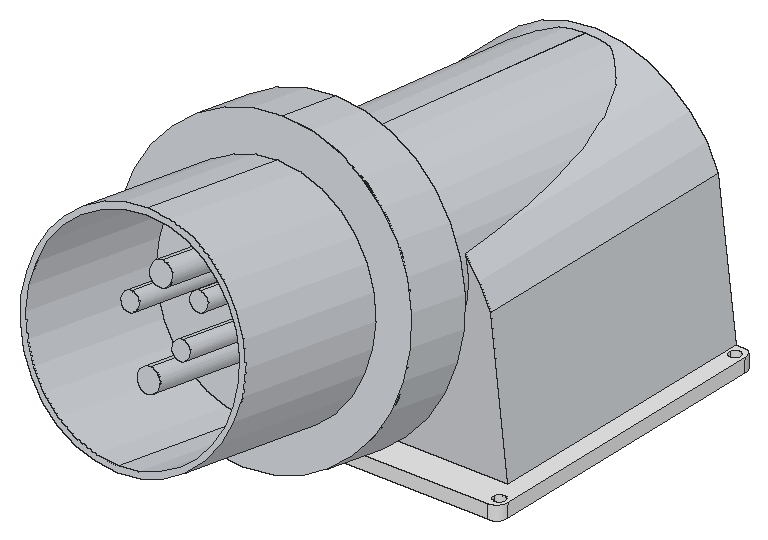
Revit family "Building-IEC309Connections-GEWISS-IEC309HP-90°_SURF_MOUNT_INLET_MANTLE_TERMINAL_125A_IP67", category Apparecchi elettrici, host Superficie, Revit 2019
Family settings
  Host = Superficie
  Mantenere orientamento annotazione = Sì
  Quota connettore circolare = Usa diametro
  Tipo di parte = Normale
  Taglio con vuoti quando caricato = No
  Condiviso = Sì
  Punto di calcolo locali = Sì
Parameters (values of type "GW60463 - IP67 90°APPL.INLET 3P+N+E 125A 500V 7H")
  simbolo acceso [instance] = yes
  distanza_simbolo [instance] = 1 mm
  distanza dal piano [instance] = 0 mm
  W = 115 mm  # constant formula
  Version file RFA = "21.11"
  URL = "https://www.gewiss.com/ww/en"
  Typology = "90° angled surface mounting inlet"
  Type of wiring = "Mantle terminal"
  Total number of operations = "-500"
  Thermo-pressure with ball = "125 °C (active parts) - 80 °C (passive parts)"
  Terminal tightening capacity = "16-50mm² flexible cables - 25-70mm² rigid cables"
  Technical sheet = "https://www.gewiss.com/ww/en/search?q=GW60463"
  Spostamento_effettivo_S [instance] = 4000 mm - Spostamento_S  # 3070 mm
  Spostamento_S = 930 mm
  Shock resistance = "IK08"
  SPinotto = Default(2)
  SEO = "Inlet"
  Reference h = "7"
  Realized by GEWISS S.p.A. = ""
  Rated voltage = "480-500V"
  Rated current (A) = "125"
  Default Elevation = 1219.2 mm
  Produttore = "GEWISS S.p.A."
  Piastra = Default(2)
  Operating temperature: = "-25 +55 °C"
  No. of poles = "3P+N+E"
  Model = "GW60463"
  L = 155 mm  # constant formula
  Insulation resistance = "- 10 M?"
  Immagine tipo = (empty or 0)
  IP degree = "IP67"
  IDT = "65faf2d8742c4b6998c525a67799a263"
  IDF = "41552599-a9bc-4a44-b0c6-a7e5c48e472e"
  Glow wire test: = "850 °C (active parts) - 650 °C (passive parts)"
  Frequency = "50/60 Hz"
  FORMULA = 1000 mm * 1  # 1000 mm
  Electrocod = "2230"
  Description = "IP67 90°APPL.INLET 3P+N+E 125A 500V 7H"
  Corpo centrale = Default(2)
  Colour: = "Black"
  Catalogue = "BUILDING"
  COBie.Tagnumber = ""
  COBie.CreatedOn = ""
  COBie.CreatebBy = ""
  COBie.ComponentRegisterItemID = ""
  COBie.Component.TagNumber = ""
  COBie.Component.Space = ""
  COBie.Component.SerialNumber = ""
  COBie.Component.InstallationDate = ""
  COBie.Component.Description = ""
  COBie.Component.BarCode = ""
  Breaking capacity at 1.1 Un = "156A"
  BLOCCO = "B=C"
Types (8, lengths in mm): name | Technical sheet | Reference h | Rated voltage | No. of poles | Model | IDT | Description | Colour:
  GW60456 - IP67 90°APPL.INLET 3P+E 125A 110V 4H | "https://www.gewiss.com/ww/en/search?q=GW60456" | "4" | "100-130V" | "3P+E" | "GW60456" | "3800a04927474f288e68a607b09988a9" | "IP67 90°APPL.INLET 3P+E 125A 110V 4H" | "Yellow"
  GW60457 - IP67 90°APPL.INLET 3P+N+E 125A 110V 4H | "https://www.gewiss.com/ww/en/search?q=GW60457" | "4" | "100-130V" | "3P+N+E" | "GW60457" | "8aaa99a3a4b44c66b142d95dae97df17" | "IP67 90°APPL.INLET 3P+N+E 125A 110V 4H" | "Yellow"
  GW60458 - IP67 90°APPL.INLET 3P+E 125A 230V 9H | "https://www.gewiss.com/ww/en/search?q=GW60458" | "9" | "200-250V" | "3P+E" | "GW60458" | "f45895a4e113447bb1fad4a641f365e7" | "IP67 90°APPL.INLET 3P+E 125A 230V 9H" | "Blue"
  GW60459 - IP67 90°APPL.INLET 3P+N+E 125A 230V 9H | "https://www.gewiss.com/ww/en/search?q=GW60459" | "9" | "200-250V" | "3P+N+E" | "GW60459" | "3828058f71114ea1ad54305240ad521a" | "IP67 90°APPL.INLET 3P+N+E 125A 230V 9H" | "Blue"
  GW60460 - IP67 90°APPL.INLET 3P+E 125A 400V 6H | "https://www.gewiss.com/ww/en/search?q=GW60460" | "6" | "380-415V" | "3P+E" | "GW60460" | "2bec973d1017475d87a464796403b450" | "IP67 90°APPL.INLET 3P+E 125A 400V 6H" | "Red"
  GW60461 - IP67 90°APPL.INLET 3P+N+E 125A 400V 6H | "https://www.gewiss.com/ww/en/search?q=GW60461" | "6" | "380-415V" | "3P+N+E" | "GW60461" | "3ea0060967664dec90878a568c9b3ea4" | "IP67 90°APPL.INLET 3P+N+E 125A 400V 6H" | "Red"
  GW60462 - IP67 90°APPL.INLET 3P+E 125A 500V 7H | "https://www.gewiss.com/ww/en/search?q=GW60462" | "7" | "480-500V" | "3P+E" | "GW60462" | "f40a51e14e8a4a7aa1089104dc8ac73b" | "IP67 90°APPL.INLET 3P+E 125A 500V 7H" | "Black"
  GW60463 - IP67 90°APPL.INLET 3P+N+E 125A 500V 7H | "https://www.gewiss.com/ww/en/search?q=GW60463" | "7" | "480-500V" | "3P+N+E" | "GW60463" | "65faf2d8742c4b6998c525a67799a263" | "IP67 90°APPL.INLET 3P+N+E 125A 500V 7H" | "Black"
Reference planes
  plane 1 "Centro (Fronte/Retro)": y = 0
  plane 2: z = 0
  plane 3 "Centro (Sinistra/Destra)": x = 0
  plane 4: x = -3000
  plane 5: x = 70
  plane 6: z = 0
Dimensions and locks
  plane 4 to plane 3 "Centro (Sinistra/Destra)" = 3000 mm
  "Spostamento_effettivo_S": plane 4 to plane 5
  "distanza dal piano": plane 6 to plane 2
  aligned and locked: plane 2 to host face
  aligned and locked: level to host face
  aligned and locked: plane 3 "Centro (Sinistra/Destra)" to nested 1
  aligned and locked: plane 1 "Centro (Fronte/Retro)" to nested 1
  aligned and locked: nested 2 to plane 5
Automatic sketch dimensions
  host sketch curve to host sketch curve = 2438.4 mm  (x2)
Nested families
  nested 1: "IEC309 SPINE FISSE PARETE 90' CABL INDIRETTO 125A IP67_BASE" at (0, 0, 0), type "IEC309 SPINE FISSE PARETE 90' CABL INDIRETTO 125A IP67_BASE"
  nested 2: "simbolo_circuito_GW60201" at (70, 171.559, 0), visible <- "simbolo acceso", Distanza dal muro <- "distanza_simbolo", type "3P"
    with SIMBOLO ACCESO yes, Distanza dal muro 1 mm
Connectors
  electrical at (37.5, 30, 0)
    settings: on nested 1, index 1, voltage 0 V, apparent load 0 VA, apparent load phase1 0 VA, apparent load phase2 0 VA, apparent load phase3 0 VA, power factor 1, load classification "Altro", number of poles 1, system type 31, power factor state 1, is connector primary yes, connector utility no, sub classification motor no, connector description ""
Definition of nested family "IEC309 SPINE FISSE PARETE 90' CABL INDIRETTO 125A IP67_BASE"
  Parameters (values of type "IEC309 SPINE FISSE PARETE 90' CABL INDIRETTO 125A IP67_BASE")
    sp_ghiera = 16 mm
    h = 140 mm
    dis_base = 71 mm
    Spinotto = none
    PIASTRA = none
    Lunghezza totale = 140 mm
    CENTRALE = none
    Bsae = 140 mm
  Reference planes
    plane 1 "Centro (Fronte/Retro)": y = 0
    plane 2: z = 0
    plane 3 "Centro (Sinistra/Destra)": x = 0
    plane 4 "EEE": through (4267.2, -291.041, 143.375) normal (0, -0.788, -0.6157)
    plane 5: x = 48
    plane 6: x = 140
    plane 7: y = 140
    plane 8: z = 6
    plane 9: y = 134.607
    plane 10: y = 5.392
    plane 11: x = 70
    plane 12: y = 70
    plane 13: through (4267.2, -43.825, 42.63) normal (0, 0.1727, 0.985)
    plane 14: x = 4.026
    plane 15: x = 135.974
    plane 16: z = 108.719
    plane 17 "zx": through (4267.2, -97.102, 134.757) normal (0, 0.1727, 0.985)
    plane 18: x = 126
    plane 19: x = 14
  Forms (mm)
    Extrusion 1, solid, material <- "PIASTRA"
      sketch origin (0, 0, 0) x (1, 0, 0) y (0, 1, 0)
        loop
          arc (5, 140) -> (1.464, 138.536) -> (0, 135) r 5
          line (0, 135) -> (0, 5)
          arc (0, 5) -> (1.464, 1.464) -> (5, 0) r 5
          line (5, 0) -> (135, 0)
          arc (135, 0) -> (138.536, 1.464) -> (140, 5) r 5
          line (140, 5) -> (140, 135)
          arc (140, 135) -> (138.536, 138.536) -> (135, 140) r 5
          line (135, 140) -> (5, 140)
      from 0 to 6
    Extrusion 2, void
      sketch origin (0, 0, 0) x (1, 0, 0) y (0, 1, 0)
        loop
          circle (4.026, 134.607) r 2.665
        loop
          circle (135.974, 134.607) r 2.602
        loop
          circle (135.974, 5.392) r 2.692
        loop
          circle (4.026, 5.392) r 2.603
      from 0 to 6
    Extrusion 3, solid
      sketch origin (-3.52, 0, 0) x (1, 0, 0) y (0, 0, 1)
        loop
          line (11.821, 6) -> (135.22, 6) -> (127.556, 70.547)
          arc (127.556, 70.547) -> (73.52, 108.719) -> (19.485, 70.547) r 57.332
          line (19.485, 70.547) -> (11.821, 6)
      from -140 to -15.377
    Sweep 4, solid
      path origin (0, 0, 3.75) x (0, 1, 0) y (0, 0, 1)
        loop
          line (-17.292, 79.235) -> (129.498, 61.629)
      profile origin (0, 56.103, 74.182) x (0, 0.119082, 0.992884) y (1, 0, 0)
        loop
          circle (0, 70) r 44
    Sweep 5, solid
      path origin (0, 0, -2.5) x (0, 1, 0) y (0, 0, 1)
        loop
          line (-113.305, 99.83) -> (-42.11, 87.351)
      profile origin (0, -77.707, 91.091) x (0, 0.17265, 0.984983) y (1, 0, 0)
        loop
          circle (0, 70) r 49
        loop
          circle (0, 70) r 46.576
    Sweep 6, solid
      path origin (70, 0, -2.008) x (0, 1, 0) y (0, 0, 1)
        loop
          line (-42.026, 87.336) -> (-13.097, 82.266)
      profile origin (70, -27.561, 82.793) x (0, 0.17265, 0.984983) y (1, 0, 0)
        loop
          circle (0, 0) r 65
    Sweep 7, solid
      path origin (0, -0.85, -7.351) x (0, 1, 0) y (0, 0, 1)
        loop
          line (-103.677, 85.088) -> (-44.33, 74.686)
      profile origin (0, -74.854, 72.536) x (0, 0.17265, 0.984983) y (1, 0, 0)
        loop
          circle (0, 70) r 5
    Sweep 8, solid
      path origin (82.164, 0, 7.909) x (0, 1, 0) y (0, 0, -1)
        loop
          line (-101.933, -84.629) -> (-42.56, -74.375)
      profile origin (82.164, -72.247, 87.411) x (0, -0.170176, -0.985414) y (-1, 0, 0)
        loop
          circle (0, 0) r 4
    Sweep 9, solid
      path origin (0, 5.952, 31.457) x (0, 1, 0) y (0, 0, 1)
        loop
          line (-103.677, 85.088) -> (-44.33, 74.686)
      profile origin (0, -68.052, 111.344) x (0, 0.17265, 0.984983) y (1, 0, 0)
        loop
          circle (0, 70) r 5
    Sweep 10, solid
      path origin (86.641, 3.329, 26.9) x (0, 1, 0) y (0, 0, -1)
        loop
          line (-101.057, -84.629) -> (-42.56, -74.375)
      profile origin (86.641, -68.48, 106.402) x (0, -0.17265, -0.984983) y (-1, 0, 0)
        loop
          circle (0, 0) r 4
    Sweep 11, solid
      path origin (57.723, 1.682, 17.505) x (0, 1, 0) y (0, 0, 1)
        loop
          line (-101.057, 84.629) -> (-42.56, 74.375)
      profile origin (57.723, -70.126, 97.007) x (0, 0.17265, 0.984983) y (1, 0, 0)
        loop
          circle (0, 0) r 4
  Cuts and joins
    Extrusion 2 cuts Extrusion 1
    joined: Extrusion 3, Sweep 4
    joined: Sweep 5, Sweep 6
  Lines and regions (mm)
    symbolic lines
      curve 1: line (330.256, 400.85, 0) -> (342.43, 400.85, 0)
      curve 2: line (0, -27.731, 87.005) -> (0, 10.147, 80.366)
  Dimensions and locks
    "Bsae": plane 3 "Centro (Sinistra/Destra)" to plane 6
    "h": plane 1 "Centro (Fronte/Retro)" to plane 7
    plane 8 to level = 6 mm
    locked: plane 1 "Centro (Fronte/Retro)" to plane 10 at 5.392
    equal spacing: plane 3 "Centro (Sinistra/Destra)", plane 11, plane 6
    locked: plane 7 to plane 9 at 5.393
    equal spacing: plane 1 "Centro (Fronte/Retro)", plane 12, plane 7
    locked: plane 8 to plane 2 at 6
    locked: plane 3 "Centro (Sinistra/Destra)" to plane 14 at 4.026
    locked: plane 15 to plane 6 at 4.026
    locked: plane 18 to plane 6 at 14
    locked: plane 3 "Centro (Sinistra/Destra)" to plane 19 at 14
    radius of Extrusion 1 sketch curve = 5 mm  (x4)
    aligned and locked: level to plane 2
    aligned and locked: Extrusion 1 to level
    aligned and locked: plane 8 to Extrusion 1
    aligned and locked: Extrusion 2 to level
    aligned and locked: plane 8 to Extrusion 2
    aligned and locked: plane 14 to Extrusion 2 sketch curve  (x2)
    aligned and locked: Extrusion 2 sketch curve to plane 15
    aligned and locked: plane 15 to Extrusion 2 sketch curve
    aligned and locked: plane 7 to Extrusion 3
    aligned and locked: Sweep 7 to Sweep 8 sketch curve
    aligned and locked: cut or joined group of Sweep 5, Sweep 6 to Sweep 11
    aligned and locked: cut or joined group of Sweep 5, Sweep 6 to Sweep 10
    aligned and locked: cut or joined group of Sweep 5, Sweep 6 to Sweep 9
    aligned and locked: cut or joined group of Sweep 5, Sweep 6 to Sweep 7
  Automatic sketch dimensions
    plane 1 "Centro (Fronte/Retro)" to curve 2 = 27.731 mm
    plane 10 to curve 2 = 4.755 mm
    plane 16 to curve 2 = 28.353 mm
    plane 16 to curve 2 = 21.714 mm
    curve 1 to plane 6 = 190.256 mm
    plane 7 to curve 1 = 260.85 mm
    curve 1 to curve 1 = 12.174 mm
    Extrusion 1 sketch curve to plane 3 "Centro (Sinistra/Destra)" = 0 mm
    Extrusion 1 sketch curve to plane 7 = 0 mm
    plane 1 "Centro (Fronte/Retro)" to Extrusion 1 sketch curve = 0 mm
    Extrusion 1 sketch curve to plane 6 = 0 mm
    plane 10 to Extrusion 2 sketch curve = 0 mm
    Extrusion 2 sketch curve to plane 10 = 0 mm
    plane 9 to Extrusion 2 sketch curve = 0 mm
    Extrusion 2 sketch curve to plane 9 = 0 mm
    Extrusion 3 sketch curve to plane 8 = 0 mm
    Extrusion 3 sketch curve to plane 11 = 0 mm
    plane 19 to Extrusion 3 sketch curve = 1.965 mm
    plane 14 to Extrusion 3 sketch curve = 4.275 mm
    Extrusion 3 sketch curve to plane 18 = 1.965 mm
    plane 15 to Extrusion 3 sketch curve = 4.275 mm
    plane 8 to Extrusion 3 sketch curve = 45.387 mm
    plane 16 to Extrusion 3 sketch curve = 38.172 mm
    plane 1 "Centro (Fronte/Retro)" to Sweep 4 sketch curve = 17.292 mm
    Sweep 4 sketch curve to plane 9 = 5.109 mm
    plane 16 to Sweep 4 sketch curve = 43.339 mm
    plane 16 to Sweep 4 sketch curve = 25.734 mm
    Sweep 4 sketch curve to profile plane = 0 mm
    plane 3 "Centro (Sinistra/Destra)" to Sweep 4 sketch curve = 70 mm
    Sweep 5 sketch curve to Sweep 5 sketch curve = 0 mm  (x2)
    Sweep 5 sketch curve to profile plane = 0 mm
    plane 3 "Centro (Sinistra/Destra)" to Sweep 5 sketch curve = 70 mm
    plane 1 "Centro (Fronte/Retro)" to Sweep 6 sketch curve = 42.026 mm
    plane 1 "Centro (Fronte/Retro)" to Sweep 6 sketch curve = 13.097 mm
    plane 16 to Sweep 6 sketch curve = 28.461 mm
    plane 16 to Sweep 6 sketch curve = 23.39 mm
    Sweep 6 sketch curve to profile plane = 0 mm  (x2)
    plane 16 to Sweep 7 sketch curve = 30.981 mm
    plane 1 "Centro (Fronte/Retro)" to Sweep 7 sketch curve = 104.528 mm
    plane 1 "Centro (Fronte/Retro)" to Sweep 7 sketch curve = 45.18 mm
    plane 16 to Sweep 7 sketch curve = 41.384 mm
    Sweep 7 sketch curve to profile plane = 0 mm
    plane 3 "Centro (Sinistra/Destra)" to Sweep 7 sketch curve = 70 mm
    plane 16 to Sweep 8 sketch curve = 16.18 mm
    plane 1 "Centro (Fronte/Retro)" to Sweep 8 sketch curve = 42.56 mm
    plane 16 to Sweep 8 sketch curve = 26.434 mm
    profile plane to Sweep 8 sketch curve = 0 mm
    Sweep 8 sketch curve to profile plane = 0 mm
    Sweep 9 sketch curve to plane 16 = 7.826 mm
    plane 1 "Centro (Fronte/Retro)" to Sweep 9 sketch curve = 97.725 mm
    plane 16 to Sweep 9 sketch curve = 2.576 mm
    plane 1 "Centro (Fronte/Retro)" to Sweep 9 sketch curve = 38.378 mm
    Sweep 9 sketch curve to profile plane = 0 mm
    plane 3 "Centro (Sinistra/Destra)" to Sweep 9 sketch curve = 70 mm
    Sweep 10 sketch curve to plane 16 = 2.81 mm
    plane 1 "Centro (Fronte/Retro)" to Sweep 10 sketch curve = 97.728 mm
    plane 16 to Sweep 10 sketch curve = 7.443 mm
    plane 1 "Centro (Fronte/Retro)" to Sweep 10 sketch curve = 39.231 mm
    profile plane to Sweep 10 sketch curve = 0 mm
    Sweep 10 sketch curve to profile plane = 0 mm
    plane 16 to Sweep 11 sketch curve = 6.584 mm
    plane 1 "Centro (Fronte/Retro)" to Sweep 11 sketch curve = 99.375 mm
    plane 16 to Sweep 11 sketch curve = 16.838 mm
    plane 1 "Centro (Fronte/Retro)" to Sweep 11 sketch curve = 40.878 mm
    Sweep 11 sketch curve to profile plane = 0 mm  (x2)
    plane 16 to Sweep 5 sketch curve = 11.388 mm
    plane 1 "Centro (Fronte/Retro)" to Sweep 5 sketch curve = 113.305 mm
    plane 1 "Centro (Fronte/Retro)" to Sweep 5 sketch curve = 42.11 mm
    plane 16 to Sweep 5 sketch curve = 23.867 mm
    radius of Extrusion 2 sketch curve = 2.665 mm
    radius of Extrusion 2 sketch curve = 2.602 mm
    radius of Extrusion 2 sketch curve = 2.692 mm
    radius of Extrusion 2 sketch curve = 2.603 mm
    radius of Sweep 4 sketch curve = 44 mm
    radius of Sweep 5 sketch curve = 49 mm
    radius of Sweep 5 sketch curve = 46.576 mm
    radius of Sweep 6 sketch curve = 65 mm
    radius of Sweep 7 sketch curve = 5 mm
    radius of Sweep 8 sketch curve = 4 mm
    radius of Sweep 9 sketch curve = 5 mm
    radius of Sweep 10 sketch curve = 4 mm
    radius of Sweep 11 sketch curve = 4 mm
Definition of nested family "simbolo_circuito_GW60201"
  Parameters (values of type "3P")
    SIMBOLO ACCESO [instance] = yes
    Distanza dal muro [instance] = 0 mm
  Reference planes
    plane 1: y = 0
    plane 2: x = 0
  Dimensions and locks
    "Distanza dal muro": plane 1 to nested 1
    aligned and locked: plane 2 to nested 1
  Nested families
    nested 1: "simbolo_circuito_GW60201_base" at (0, 0, 0), visible <- "SIMBOLO ACCESO", type "3P"
      with CORNICE SIMBOLO yes
  Definition of nested family "simbolo_circuito_GW60201_base"
    Parameters (values of type "3P")
      CORNICE SIMBOLO [instance] = yes
      3P = yes
    Types (2, lengths in mm): name | 3P
      3P | yes
      2P | no
    Reference planes
      plane 1: y = 0
      plane 2: x = 0
    Lines and regions (mm)
      detail lines
        curve 1: arc (0.298, 0.46, 0) -> (0, 0.758, 0) -> (-0.298, 0.46, 0) r 0.298
        curve 2: arc (0.139, 0.652, 0) -> (0, 0.731, 0) -> (-0.139, 0.652, 0) r 0.163
        curve 3: arc (-0.139, 0.106, 0) -> (0, 0.027, 0) -> (0.139, 0.106, 0) r 0.163
        curve 4: circle (0, 2.381, 0) r 0.05 normal (0, 0, 1)
        curve 5: line (0, 3.386, 0) -> (0, 0.758, 0)
        curve 6: line (-0.139, 0.652, 0) -> (-0.139, 0.106, 0)
        curve 7: line (0.139, 0.652, 0) -> (0.139, 0.106, 0)
      detail lines, not visible
        curve 8: arc (2.679, 0.46, 0) -> (2.381, 0.758, 0) -> (2.083, 0.46, 0) r 0.298
        curve 9: arc (2.52, 0.652, 0) -> (2.381, 0.731, 0) -> (2.241, 0.652, 0) r 0.163
        curve 10: arc (2.241, 0.106, 0) -> (2.381, 0.027, 0) -> (2.52, 0.106, 0) r 0.163
        curve 11: circle (2.381, 2.381, 0) r 0.05 normal (0, 0, 1)
        curve 12: line (2.381, 3.386, 0) -> (2.381, 0.758, 0)
        curve 13: line (2.241, 0.652, 0) -> (2.241, 0.106, 0)
        curve 14: line (2.52, 0.652, 0) -> (2.52, 0.106, 0)
